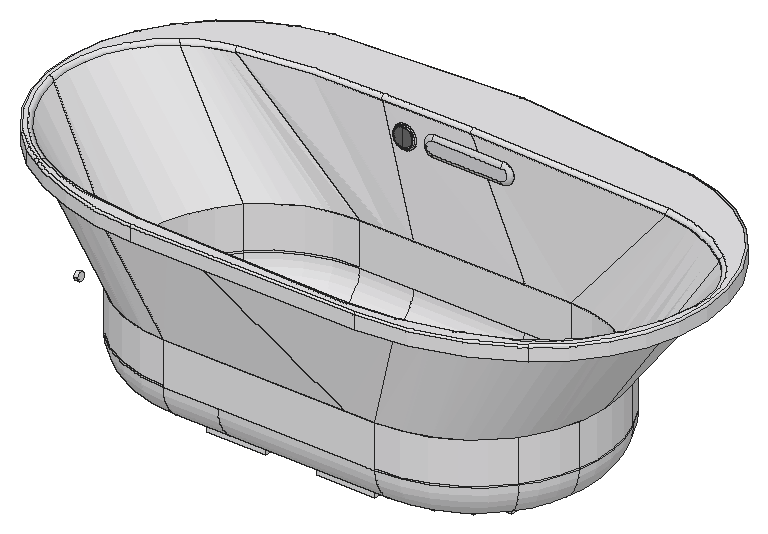
Revit family "Bath-Drop_In-Heated_Surface-KOHLER-Underscore-K-5715_1", category Plumbing Fixtures, host Face, Revit 2022 (continued)
Definition of nested family "K-5715"
  Lines and regions (in)
    symbolic lines, detail levels medium+fine
      curve 120: arc (-7.32937, 10.89603, 0) -> (-7.33318, 10.90602, 0) -> (-7.32493, 10.91281, 0) r 0.00915
      curve 121: arc (-7.35692, 10.8976, 0) -> (-7.36121, 10.91907, 0) -> (-7.34347, 10.9319, 0) r 0.02026
      curve 122: arc (-6.01962, 10.89631, 0) -> (-6.01591, 10.90318, 0) -> (-6.01885, 10.91041, 0) r 0.00915
      curve 123: arc (-5.9922, 10.89787, 0) -> (-5.98885, 10.92061, 0) -> (-6.00889, 10.93184, 0) r 0.02026
      curve 125: arc (31.3751, 3.58878, 0) -> (32.08015, 0.67412, 0) -> (31.93505, -2.3211, 0) r 10.53018
    symbolic lines
      curve 13: circle (0, -1.00787, 0) r 0.98425 normal (0, 0, 1)
      curve 15: arc (-22.64702, 10.3108, 0) -> (-15.23013, 11.35406, 0) -> (-7.74241, 11.53543, 0) r 64.87007
      curve 16: arc (-27.22529, 8.2861, 0) -> (-25.0536, 9.564, 0) -> (-22.64702, 10.3108, 0) r 10.93328
      curve 17: arc (-31.48907, -3.11624, 0) -> (-31.03299, 3.21158, 0) -> (-27.22529, 8.2861, 0) r 11.24824
      curve 18: arc (-31.48907, -3.11624, 0) -> (-28.73374, -9.27569, 0) -> (-23.67994, -13.74668, 0) r 15.96455
      curve 19: arc (-23.67994, -13.74668, 0) -> (-20.7797, -15.10189, 0) -> (-17.68783, -15.9316, 0) r 18.32159
      curve 20: arc (-17.68783, -15.9316, 0) -> (-14.67012, -16.38247, 0) -> (-11.63039, -16.64688, 0) r 49.58303
      curve 21: arc (-11.63039, -16.64688, 0) -> (-1.07018, -17.043, 0) -> (9.49745, -17.0451, 0) r 283.36918
      curve 22: arc (24.44437, -13.03534, 0) -> (17.21635, -15.95512, 0) -> (9.49745, -17.04509, 0) r 32.07647
      curve 23: arc (28.08393, -9.91581, 0) -> (26.42594, -11.66433, 0) -> (24.44437, -13.03534, 0) r 11.67767
      curve 24: line (-7.74241, 11.53543, 0) -> (13.62772, 11.53543, 0)
      curve 25: arc (19.89767, 11.09022, 0) -> (16.76396, 11.33065, 0) -> (13.62772, 11.53543, 0) r 276.40337
      curve 65: arc (-27.22435, 8.28681, 0) -> (-25.05412, 9.56377, 0) -> (-22.6493, 10.31037, 0) r 10.93328
      curve 73: arc (-19.59216, 6.64125, 0) -> (-22.60656, 0.60255, 0) -> (-21.8059, -6.09905, 0) r 11.76391
      curve 74: arc (-11.01632, 10.35255, 0) -> (-15.68854, 9.38493, 0) -> (-19.59216, 6.64125, 0) r 11.76391
      curve 75: line (10.69938, 10.35255, 0) -> (-11.01632, 10.35255, 0)
      curve 76: arc (21.37142, 3.53809, 0) -> (17.03044, 8.50364, 0) -> (10.69938, 10.35255, 0) r 11.76391
      curve 77: arc (22.22863, -3.7493, 0) -> (22.38274, -0.03706, 0) -> (21.37142, 3.53809, 0) r 11.76391
      curve 78: arc (20.2186, -8.32323, 0) -> (21.46923, -6.1442, 0) -> (22.22863, -3.7493, 0) r 11.76391
      curve 79: arc (10.69938, -13.17527, 0) -> (16.04161, -11.8923, 0) -> (20.2186, -8.32323, 0) r 11.76391
      curve 80: line (-11.01632, -13.17527, 0) -> (10.69938, -13.17527, 0)
      curve 81: arc (-19.44188, -9.62108, 0) -> (-15.58858, -12.25036, 0) -> (-11.01632, -13.17527, 0) r 11.76391
      curve 82: arc (-21.8059, -6.09905, 0) -> (-20.78395, -7.9675, 0) -> (-19.44188, -9.62108, 0) r 11.76391
      curve 124: arc (19.89767, 11.09022, 0) -> (30.55324, 3.14466, 0) -> (28.08393, -9.91581, 0) r 12.54218
  Dimensions and locks (in)
    plane 6 to plane 7 = 65.98425"
    plane 5 to plane 4 = 35.98425"
    plane 8 to plane 9 = 61.14173"
    plane 12 to plane 2 = 22.12598"
    plane 13 to plane 12 = 1.49606"
    plane 4 to plane 15 = 19"
    plane 10 to plane 11 = 41.29716"
    plane 4 to plane 16 = 6.45669"
    plane 6 to plane 3 "Center (Left/Right)" = 32.99213"
    plane 1 "Center (Front/Back)" to plane 4 = 17.99213"
    aligned and locked: level to plane 2
Types (7): name | Undermount | Type | Model | Finish | Drop_in | Installation Height
  (no name) | no | 1 | "K-5715-W1-0" | KOHLER-Acrylic-0-White | yes | 0"
  0-White | no | 1 | "K-5715-W1-0" | KOHLER-Acrylic-0-White | yes | 0"
  96-Biscuit | yes | 5 | "K-5715-W1-96" | KOHLER-Acrylic-96-Biscuit | no | 2.48031"
  NY-Dune | yes | 6 | "K-5715-W1-NY" | KOHLER-Acrylic-NY-Dune | no | 2.48031"
  95-Ice Grey | yes | 4 | "K-5715-W1-95" | KOHLER-Acrylic-95-Ice_Grey | no | 2.48031"
  58-Thunder Grey | yes | 2 | "K-5715-W1-58" | KOHLER-Acrylic-58-Thunder_Grey | no | 2.48031"
  7-Black Black | yes | 3 | "K-5715-W1-7" | KOHLER-Acrylic-7-Black_Black | no | 2.48031"
